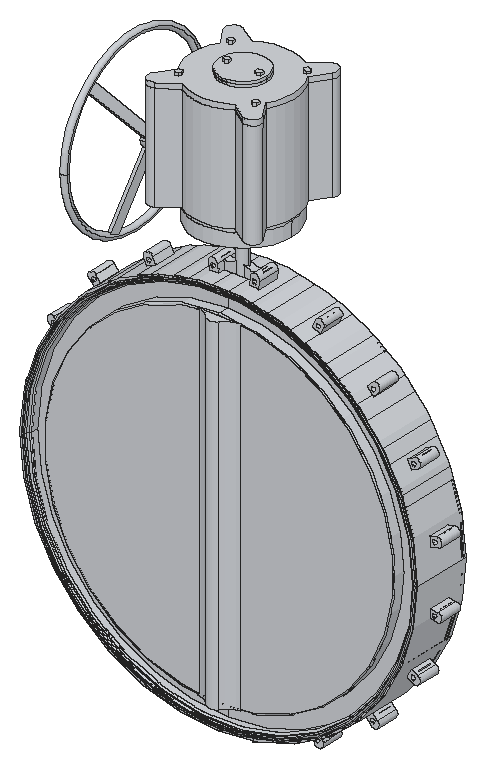
Revit family "R59FLX060", category Plumbing Fixtures, Revit 2015
Reference planes
  plane 1 "Center (Front/Back)": y = 0
  plane 2: z = 0
  plane 3 "Center (Left/Right)": x = 0
  plane 4: z = 562
  plane 5: z = 812
  plane 6: z = 187
  plane 7: z = -450
  plane 8: z = -30
  plane 9: z = 617.826
  plane 10: z = -30
  plane 11: y = -17.262
  plane 12: y = 17.262
  plane 13: x = -105
  plane 14: x = 105
  plane 15: z = 826
  plane 16: x = 226
  plane 17: y = -64.287
  plane 18: y = 62.713
  plane 19: z = 532
  plane 20: x = -241
  plane 21: z = 424
Forms (mm)
  Extrusion 1, solid
    sketch origin (0, 0, 544.391) x (1, 0, 0) y (0, 1, 0)
      loop
        circle (0, 0) r 105
    from -12.391 to 17.609
  Extrusion 2, solid
    sketch origin (0, 0, -76.95) x (1, 0, 0) y (0, 1, 0)
      loop
        circle (0, 0) r 12
    from 354.077 to 608.95
  Revolve 3, solid
    sketch origin (0, 0, 0) x (0, 1, 0) y (0, 0, 1)
      loop
        line (-39.5, -410.938) -> (39.5, -410.938) -> (39.5, -375.679) -> (60.986, -375.679)
        arc (60.986, -375.679) -> (62.207, -375.173) -> (62.713, -373.951) r 1.728
        line (62.713, -373.951) -> (62.713, 0) -> (-64.287, 0) -> (-64.287, -373.951)
        arc (-64.287, -373.951) -> (-63.781, -375.173) -> (-62.559, -375.679) r 1.728
        line (-62.559, -375.679) -> (-39.5, -375.679) -> (-39.5, -410.938)
      axis (62.713, 0) -> (-64.287, 0)
    angle from 0 to 360
  Extrusion 4, solid
    sketch origin (-37.947, 28.082, 362.711) x (0.933413, 0, -0.358805) y (0.358805, 0, 0.933413)
      loop
        line (-18.251, 60.114) -> (-25.459, 74.264)
        arc (-25.459, 74.264) -> (-38.908, 78.635) -> (-43.28, 65.186) r 10
        line (-43.28, 65.186) -> (-36.072, 51.036) -> (-18.251, 60.114)
      loop
        circle (-32.1, 65.269) r 5
    from -10.991 to 37.009
  Extrusion 5, solid
    sketch origin (18.896, -132.284, 571.391) x (-0.707107, -0.707107, 0) y (0.707107, -0.707107, 0)
      loop
        line (6.619, -122.207) -> (1.336, -117.615) -> (-5.283, -119.894) -> (-6.619, -126.765) -> (-1.336, -131.358) -> (5.283, -129.079) -> (6.619, -122.207)
    from 0 to 3.746
  Extrusion 6, solid
    sketch origin (18.896, -132.284, 550.391) x (-0.707107, -0.707107, 0) y (0.707107, -0.707107, 0)
      loop
        circle (0, -124.486) r 3
    from -25.471 to 21
  Extrusion 7, solid
    sketch origin (18.896, -132.284, 531) x (-0.707107, -0.707107, 0) y (0.707107, -0.707107, 0)
      loop
        line (3.99, -123.113) -> (0.805, -120.344) -> (-3.184, -121.718) -> (-3.99, -125.86) -> (-0.805, -128.628) -> (3.184, -127.254) -> (3.99, -123.113)
      loop
        line (-3.444, -125.672) -> (-0.695, -128.061) -> (2.749, -126.876) -> (3.444, -123.301) -> (0.695, -120.911) -> (-2.749, -122.097) -> (-3.444, -125.672)
    from -1.968 to 1
  Extrusion 8, solid
    sketch origin (49.205, -126.837, 615.966) x (-0.707107, -0.707107, 0) y (0.707107, -0.707107, 0)
      loop
        line (-80.879, -231.371) -> (-71.737, -274.379)
        arc (-71.737, -274.379) -> (-54.895, -288.018) -> (-38.053, -274.379) r 17.218
        line (-38.053, -274.379) -> (-28.912, -231.371)
        arc (-28.912, -231.371) -> (22.88, -202.269) -> (51.985, -150.479) r 109.994
        line (51.985, -150.479) -> (95.021, -141.332)
        arc (95.021, -141.332) -> (108.659, -124.49) -> (95.021, -107.648) r 17.218
        line (95.021, -107.648) -> (51.988, -98.501)
        arc (51.988, -98.501) -> (22.886, -46.703) -> (-28.909, -17.596) r 109.994
        line (-28.909, -17.596) -> (-38.053, 25.426)
        arc (-38.053, 25.426) -> (-54.895, 39.064) -> (-71.737, 25.426) r 17.218
        line (-71.737, 25.426) -> (-80.882, -17.596)
        arc (-80.882, -17.596) -> (-132.673, -46.699) -> (-161.775, -98.49) r 109.994
        line (-161.775, -98.49) -> (-204.798, -107.635)
        arc (-204.798, -107.635) -> (-218.436, -124.477) -> (-204.798, -141.318) r 17.218
        line (-204.798, -141.318) -> (-161.779, -150.462)
        arc (-161.779, -150.462) -> (-132.677, -202.263) -> (-80.879, -231.371) r 109.994
    from -44.575 to 183.703
  Sweep 9, solid
    path origin (0, 0, 0) x (1, 0, 0) y (0, 0, 1)
      loop
        circle (0, 0) r 427
    profile origin (0, 0, -427) x (0, 0, 1) y (0, -1, 0)
      loop
        line (0.625, -62.713) -> (3.952, -62.713)
        arc (3.952, -62.713) -> (4.966, -63.727) -> (5.98, -62.713) r 1.014
        line (5.98, -62.713) -> (7.253, -62.713)
        arc (7.253, -62.713) -> (8.267, -63.727) -> (9.28, -62.713) r 1.014
        line (9.28, -62.713) -> (10.888, -62.713) -> (12.517, -60.371) -> (13.454, -56.874) -> (16.683, -53.645) -> (16.683, 55.218) -> (13.454, 58.447) -> (12.517, 61.945) -> (10.888, 64.287) -> (9.28, 64.287)
        arc (9.28, 64.287) -> (8.267, 65.3) -> (7.253, 64.287) r 1.014
        line (7.253, 64.287) -> (5.98, 64.287)
        arc (5.98, 64.287) -> (4.966, 65.3) -> (3.952, 64.287) r 1.014
        line (3.952, 64.287) -> (0.625, 64.287) -> (0.625, -62.713)
  Sweep 10, solid
    path origin (-0.002, 0, 0) x (1, 0, 0) y (0, 0, 1)
      loop
        circle (0, 0) r 427
    profile origin (-0.002, 0, -427) x (0, 0, 1) y (0, -1, 0)
      loop
        line (0, 64.287) -> (0, -62.713) -> (3.927, -62.713) -> (3.927, 64.287) -> (0, 64.287)
  Extrusion 11, solid
    sketch origin (-34.693, 28.082, -363.037) x (-0.843784, 0, 0.536683) y (-0.536683, 0, -0.843784)
      loop
        line (-18.251, 60.114) -> (-25.459, 74.264)
        arc (-25.459, 74.264) -> (-38.908, 78.635) -> (-43.28, 65.186) r 10
        line (-43.28, 65.186) -> (-36.072, 51.036) -> (-18.251, 60.114)
      loop
        circle (-32.1, 65.269) r 5
    from -10.991 to 37.009
  Extrusion 12, solid
    sketch origin (-152.406, 28.082, 331.318) x (0.999197, 0, -0.040079) y (0.040079, 0, 0.999197)
      loop
        line (-18.251, 60.114) -> (-25.459, 74.264)
        arc (-25.459, 74.264) -> (-38.908, 78.635) -> (-43.28, 65.186) r 10
        line (-43.28, 65.186) -> (-36.072, 51.036) -> (-18.251, 60.114)
      loop
        circle (-32.1, 65.269) r 5
    from -10.991 to 37.009
  Extrusion 13, solid
    sketch origin (-250.724, 28.082, 264.834) x (0.959152, 0, 0.282892) y (-0.282892, 0, 0.959152)
      loop
        line (-18.251, 60.114) -> (-25.459, 74.264)
        arc (-25.459, 74.264) -> (-38.908, 78.635) -> (-43.28, 65.186) r 10
        line (-43.28, 65.186) -> (-36.072, 51.036) -> (-18.251, 60.114)
      loop
        circle (-32.1, 65.269) r 5
    from -10.991 to 37.009
  Extrusion 14, solid
    sketch origin (-322.486, 28.082, 170.3) x (0.817519, 0, 0.575901) y (-0.575901, 0, 0.817519)
      loop
        line (-18.251, 60.114) -> (-25.459, 74.264)
        arc (-25.459, 74.264) -> (-38.908, 78.635) -> (-43.28, 65.186) r 10
        line (-43.28, 65.186) -> (-36.072, 51.036) -> (-18.251, 60.114)
      loop
        circle (-32.1, 65.269) r 5
    from -10.991 to 37.009
  Extrusion 15, solid
    sketch origin (-360.093, 28.082, 57.729) x (0.589301, 0, 0.807914) y (-0.807914, 0, 0.589301)
      loop
        line (-18.251, 60.114) -> (-25.459, 74.264)
        arc (-25.459, 74.264) -> (-38.908, 78.635) -> (-43.28, 65.186) r 10
        line (-43.28, 65.186) -> (-36.072, 51.036) -> (-18.251, 60.114)
      loop
        circle (-32.1, 65.269) r 5
    from -10.991 to 37.009
  Extrusion 16, solid
    sketch origin (-359.56, 28.082, -60.956) x (0.298667, 0, 0.954357) y (-0.954357, 0, 0.298667)
      loop
        line (-18.251, 60.114) -> (-25.459, 74.264)
        arc (-25.459, 74.264) -> (-38.908, 78.635) -> (-43.28, 65.186) r 10
        line (-43.28, 65.186) -> (-36.072, 51.036) -> (-18.251, 60.114)
      loop
        circle (-32.1, 65.269) r 5
    from -10.991 to 37.009
  Extrusion 17, solid
    sketch origin (-320.946, 28.082, -173.185) x (-0.0236, 0, 0.999721) y (-0.999721, 0, -0.0236)
      loop
        line (-18.251, 60.114) -> (-25.459, 74.264)
        arc (-25.459, 74.264) -> (-38.908, 78.635) -> (-43.28, 65.186) r 10
        line (-43.28, 65.186) -> (-36.072, 51.036) -> (-18.251, 60.114)
      loop
        circle (-32.1, 65.269) r 5
    from -10.991 to 37.009
  Extrusion 18, solid
    sketch origin (-248.339, 28.082, -267.072) x (-0.343367, 0, 0.939201) y (-0.939201, 0, -0.343367)
      loop
        line (-18.251, 60.114) -> (-25.459, 74.264)
        arc (-25.459, 74.264) -> (-38.908, 78.635) -> (-43.28, 65.186) r 10
        line (-43.28, 65.186) -> (-36.072, 51.036) -> (-18.251, 60.114)
      loop
        circle (-32.1, 65.269) r 5
    from -10.991 to 37.009
  Extrusion 19, solid
    sketch origin (-149.429, 28.082, -332.671) x (-0.626767, 0, 0.779206) y (-0.779206, 0, -0.626767)
      loop
        line (-18.251, 60.114) -> (-25.459, 74.264)
        arc (-25.459, 74.264) -> (-38.908, 78.635) -> (-43.28, 65.186) r 10
        line (-43.28, 65.186) -> (-36.072, 51.036) -> (-18.251, 60.114)
      loop
        circle (-32.1, 65.269) r 5
    from -10.991 to 37.009
  Extrusion 20, solid
    sketch origin (157.284, 43.896, 571.391) x (0.707107, -0.707107, 0) y (0.707107, 0.707107, 0)
      loop
        line (6.619, -122.207) -> (1.336, -117.615) -> (-5.283, -119.894) -> (-6.619, -126.765) -> (-1.336, -131.358) -> (5.283, -129.079) -> (6.619, -122.207)
    from 0 to 3.746
  Extrusion 21, solid
    sketch origin (157.284, 43.896, 550.391) x (0.707107, -0.707107, 0) y (0.707107, 0.707107, 0)
      loop
        circle (0, -124.486) r 3
    from -25.471 to 21
  Extrusion 22, solid
    sketch origin (157.284, 43.896, 531) x (0.707107, -0.707107, 0) y (0.707107, 0.707107, 0)
      loop
        line (3.99, -123.113) -> (0.805, -120.344) -> (-3.184, -121.718) -> (-3.99, -125.86) -> (-0.805, -128.628) -> (3.184, -127.254) -> (3.99, -123.113)
      loop
        line (-3.444, -125.672) -> (-0.695, -128.061) -> (2.749, -126.876) -> (3.444, -123.301) -> (0.695, -120.911) -> (-2.749, -122.097) -> (-3.444, -125.672)
    from -1.968 to 1
  Extrusion 23, solid
    sketch origin (-18.896, 132.284, 571.391) x (0.707107, 0.707107, 0) y (-0.707107, 0.707107, 0)
      loop
        line (6.619, -122.207) -> (1.336, -117.615) -> (-5.283, -119.894) -> (-6.619, -126.765) -> (-1.336, -131.358) -> (5.283, -129.079) -> (6.619, -122.207)
    from 0 to 3.746
  Extrusion 24, solid
    sketch origin (-18.896, 132.284, 550.391) x (0.707107, 0.707107, 0) y (-0.707107, 0.707107, 0)
      loop
        circle (0, -124.486) r 3
    from -25.471 to 21
  Extrusion 25, solid
    sketch origin (-18.896, 132.284, 531) x (0.707107, 0.707107, 0) y (-0.707107, 0.707107, 0)
      loop
        line (3.99, -123.113) -> (0.805, -120.344) -> (-3.184, -121.718) -> (-3.99, -125.86) -> (-0.805, -128.628) -> (3.184, -127.254) -> (3.99, -123.113)
      loop
        line (-3.444, -125.672) -> (-0.695, -128.061) -> (2.749, -126.876) -> (3.444, -123.301) -> (0.695, -120.911) -> (-2.749, -122.097) -> (-3.444, -125.672)
    from -1.968 to 1
  Extrusion 26, solid
    sketch origin (-157.284, -43.896, 571.391) x (-0.707107, 0.707107, 0) y (-0.707107, -0.707107, 0)
      loop
        line (6.619, -122.207) -> (1.336, -117.615) -> (-5.283, -119.894) -> (-6.619, -126.765) -> (-1.336, -131.358) -> (5.283, -129.079) -> (6.619, -122.207)
    from 0 to 3.746
  Extrusion 27, solid
    sketch origin (-157.284, -43.896, 550.391) x (-0.707107, 0.707107, 0) y (-0.707107, -0.707107, 0)
      loop
        circle (0, -124.486) r 3
    from -25.471 to 21
  Extrusion 28, solid
    sketch origin (-157.284, -43.896, 531) x (-0.707107, 0.707107, 0) y (-0.707107, -0.707107, 0)
      loop
        line (3.99, -123.113) -> (0.805, -120.344) -> (-3.184, -121.718) -> (-3.99, -125.86) -> (-0.805, -128.628) -> (3.184, -127.254) -> (3.99, -123.113)
      loop
        line (-3.444, -125.672) -> (-0.695, -128.061) -> (2.749, -126.876) -> (3.444, -123.301) -> (0.695, -120.911) -> (-2.749, -122.097) -> (-3.444, -125.672)
    from -1.968 to 1
  Extrusion 29, solid
    sketch origin (-5.763, 157.917, 810.616) x (0.707107, 0.707107, 0) y (-0.707107, 0.707107, 0)
      loop
        line (6.619, -122.207) -> (1.336, -117.615) -> (-5.283, -119.894) -> (-6.619, -126.765) -> (-1.336, -131.358) -> (5.283, -129.079) -> (6.619, -122.207)
    from 0 to 4.617
  Extrusion 30, solid
    sketch origin (-5.763, 157.917, 696.045) x (0.707107, 0.707107, 0) y (-0.707107, 0.707107, 0)
      loop
        circle (0, -124.486) r 3
    from 66.681 to 114.571
  Extrusion 31, solid
    sketch origin (170.417, 18.263, 810.616) x (0.707107, -0.707107, 0) y (0.707107, 0.707107, 0)
      loop
        line (6.619, -122.207) -> (1.336, -117.615) -> (-5.283, -119.894) -> (-6.619, -126.765) -> (-1.336, -131.358) -> (5.283, -129.079) -> (6.619, -122.207)
    from 0 to 4.617
  Extrusion 32, solid
    sketch origin (170.417, 18.263, 696.045) x (0.707107, -0.707107, 0) y (0.707107, 0.707107, 0)
      loop
        circle (0, -124.486) r 3
    from 66.681 to 114.571
  Extrusion 33, solid
    sketch origin (5.763, -157.917, 810.616) x (-0.707107, -0.707107, 0) y (0.707107, -0.707107, 0)
      loop
        line (6.619, -122.207) -> (1.336, -117.615) -> (-5.283, -119.894) -> (-6.619, -126.765) -> (-1.336, -131.358) -> (5.283, -129.079) -> (6.619, -122.207)
    from 0 to 4.617
  Extrusion 34, solid
    sketch origin (5.763, -157.917, 696.045) x (-0.707107, -0.707107, 0) y (0.707107, -0.707107, 0)
      loop
        circle (0, -124.486) r 3
    from 66.681 to 114.571
  Extrusion 35, solid
    sketch origin (-170.417, -18.263, 810.616) x (-0.707107, 0.707107, 0) y (-0.707107, -0.707107, 0)
      loop
        line (6.619, -122.207) -> (1.336, -117.615) -> (-5.283, -119.894) -> (-6.619, -126.765) -> (-1.336, -131.358) -> (5.283, -129.079) -> (6.619, -122.207)
    from 0 to 4.617
  Extrusion 36, solid
    sketch origin (-170.417, -18.263, 696.045) x (-0.707107, 0.707107, 0) y (-0.707107, -0.707107, 0)
      loop
        circle (0, -124.486) r 3
    from 66.681 to 114.571
  Extrusion 37, solid
    sketch origin (4.994, 0, 219.826) x (0, 1, 0) y (0, 0, -1)
      loop
        circle (0, -398) r 6
    from 74.348 to 199.367
  Sweep 38, solid
    path origin (-234.067, 0, 209.054) x (0, 1, 0) y (0, 0, -1)
      loop
        circle (0, -408.772) r 187
    profile origin (-234.067, 0, 804.826) x (0, 0, 1) y (-1, 0, 0)
      loop
        circle (0, 0) r 7
  Extrusion 39, solid
    sketch origin (-3.067, 0, 219.826) x (0, 1, 0) y (0, 0, -1)
      loop
        circle (0, -398) r 20
    from 166.378 to 201.654
  Extrusion 40, solid
    sketch origin (8.701, -165.594, 460.594) x (0.996525, 0.083294, -0.000135) y (-0.05437, 0.64925, -0.758629)
      loop
        line (-182.932, 4.168) -> (-189.521, 6.043) -> (-239.457, -181.426) -> (-232.868, -183.3) -> (-182.932, 4.168)
    from 230.215 to 251.867
  Extrusion 41, solid
    sketch origin (-122.734, -88.025, 821.383) x (-0.707107, 0.707107, 0) y (-0.707107, -0.707107, 0)
      loop
        line (6.619, -122.207) -> (1.336, -117.615) -> (-5.283, -119.894) -> (-6.619, -126.765) -> (-1.336, -131.358) -> (5.283, -129.079) -> (6.619, -122.207)
    from 0 to 4.617
  Extrusion 42, solid
    sketch origin (-122.734, -88.025, 706.811) x (-0.707107, 0.707107, 0) y (-0.707107, -0.707107, 0)
      loop
        circle (0, -124.486) r 3
    from 66.681 to 114.571
  Extrusion 43, solid
    sketch origin (122.679, -51.499, 821.383) x (0.707107, -0.707107, 0) y (0.707107, 0.707107, 0)
      loop
        line (-96.38, -19.209) -> (-103.251, -20.545) -> (-105.53, -27.163) -> (-100.938, -32.446) -> (-94.066, -31.111) -> (-91.787, -24.492) -> (-96.38, -19.209)
    from 0 to 4.617
  Extrusion 44, solid
    sketch origin (-122.734, -88.025, 706.811) x (-0.707107, 0.707107, 0) y (-0.707107, -0.707107, 0)
      loop
        circle (-49.047, -173.533) r 3
    from 66.681 to 114.571
  Extrusion 45, solid
    sketch origin (0, 36.3, 0) x (1, 0, 0) y (0, 1, 0)
      loop
        line (-45.752, 26.413) -> (45.661, 26.413)
        arc (45.661, 26.413) -> (27.976, 32.661) -> (13.756, 44.892) r 50.889
        arc (13.756, 44.892) -> (-0.248, 51.523) -> (-14.1, 44.579) r 17.686
        arc (-14.1, 44.579) -> (-28.242, 32.561) -> (-45.752, 26.413) r 50.889
    from -372.464 to 371.873
  Extrusion 46, solid
    sketch origin (0, 0, 809.256) x (1, 0, 0) y (0, 1, 0)
      loop
        circle (0, 0) r 50
    from 1.36 to 6.196
  Extrusion 47, solid
    sketch origin (0, 0, 816.383) x (1, 0, 0) y (0, 1, 0)
      loop
        circle (0, 0) r 50
    from 0.001 to 5
  Extrusion 48, solid
    sketch origin (0, 0, 811.888) x (1, 0, 0) y (0, 1, 0)
      loop
        circle (0, 0) r 43.203
    from 3.565 to 4.496
  Extrusion 49, solid
    sketch origin (8.701, 220.055, 554.924) x (0.996525, -0.04153, 0.072203) y (-0.05437, 0.332367, 0.941582)
      loop
        line (-182.932, 4.168) -> (-189.521, 6.043) -> (-239.457, -181.426) -> (-232.868, -183.3) -> (-182.932, 4.168)
    from 230.215 to 251.867
  Extrusion 50, solid
    sketch origin (8.701, -54.461, 841.741) x (0.996525, -0.041764, -0.072067) y (-0.05437, -0.981617, -0.182952)
      loop
        line (-182.932, 4.168) -> (-189.521, 6.043) -> (-239.457, -181.426) -> (-232.868, -183.3) -> (-182.932, 4.168)
    from 230.215 to 251.867
  Extrusion 51, solid
    sketch origin (0, 0, 569.391) x (1, 0, 0) y (0, 1, 0)
      loop
        circle (0, 0) r 105
    from -7.391 to 2
  Extrusion 52, solid
    sketch origin (49.205, -126.837, 751.598) x (-0.707107, -0.707107, 0) y (0.707107, -0.707107, 0)
      loop
        line (-80.879, -231.371) -> (-71.737, -274.379)
        arc (-71.737, -274.379) -> (-54.895, -288.018) -> (-38.053, -274.379) r 17.218
        line (-38.053, -274.379) -> (-28.912, -231.371)
        arc (-28.912, -231.371) -> (22.88, -202.269) -> (51.985, -150.479) r 109.994
        line (51.985, -150.479) -> (95.021, -141.332)
        arc (95.021, -141.332) -> (108.659, -124.49) -> (95.021, -107.648) r 17.218
        line (95.021, -107.648) -> (51.988, -98.501)
        arc (51.988, -98.501) -> (22.886, -46.703) -> (-28.909, -17.596) r 109.994
        line (-28.909, -17.596) -> (-38.053, 25.426)
        arc (-38.053, 25.426) -> (-54.895, 39.064) -> (-71.737, 25.426) r 17.218
        line (-71.737, 25.426) -> (-80.882, -17.596)
        arc (-80.882, -17.596) -> (-132.673, -46.699) -> (-161.775, -98.49) r 109.994
        line (-161.775, -98.49) -> (-204.798, -107.635)
        arc (-204.798, -107.635) -> (-218.436, -124.477) -> (-204.798, -141.318) r 17.218
        line (-204.798, -141.318) -> (-161.779, -150.462)
        arc (-161.779, -150.462) -> (-132.677, -202.263) -> (-80.879, -231.371) r 109.994
    from 48.072 to 59.018
  Extrusion 53, solid
    sketch origin (0, 0, -364.529) x (1, 0, 0) y (0, 0, 1)
      loop
        line (-31.386, -58.615) -> (-42.94, -84.573)
        arc (-42.94, -84.573) -> (-30.912, -87.299) -> (-19.604, -92.221) r 65.798
        line (-19.604, -92.221) -> (18.979, -92.221)
        arc (18.979, -92.221) -> (30.523, -87.222) -> (42.808, -84.511) r 65.798
        line (42.808, -84.511) -> (31.282, -58.615) -> (-31.386, -58.615)
    from -7.881 to 9.454
  Extrusion 54, solid
    sketch origin (37.947, -54.101, 362.711) x (-0.933413, 0, -0.358805) y (-0.358805, 0, 0.933413)
      loop
        line (-18.251, 60.114) -> (-25.459, 74.264)
        arc (-25.459, 74.264) -> (-38.908, 78.635) -> (-43.28, 65.186) r 10
        line (-43.28, 65.186) -> (-36.072, 51.036) -> (-18.251, 60.114)
      loop
        circle (-32.1, 65.269) r 5
    from -10.991 to 37.009
  Extrusion 55, solid
    sketch origin (0, 0.232, 358.09) x (-1, 0, 0) y (0, 0, -1)
      loop
        line (-32.454, -63.91) -> (-44.7, -91.423)
        arc (-44.7, -91.423) -> (-18.848, -85.337) -> (0.632, -103.389) r 28.254
        arc (0.632, -103.389) -> (18, -85.984) -> (42.428, -88.778) r 28.254
        line (42.428, -88.778) -> (33.866, -63.91) -> (-32.454, -63.91)
    from -7.881 to 9.454
  Extrusion 56, solid
    sketch origin (34.693, -54.101, -363.037) x (0.843784, 0, 0.536683) y (0.536683, 0, -0.843784)
      loop
        line (-18.251, 60.114) -> (-25.459, 74.264)
        arc (-25.459, 74.264) -> (-38.908, 78.635) -> (-43.28, 65.186) r 10
        line (-43.28, 65.186) -> (-36.072, 51.036) -> (-18.251, 60.114)
      loop
        circle (-32.1, 65.269) r 5
    from -10.991 to 37.009
  Extrusion 57, solid
    sketch origin (152.406, -54.101, 331.318) x (-0.999197, 0, -0.040079) y (-0.040079, 0, 0.999197)
      loop
        line (-18.251, 60.114) -> (-25.459, 74.264)
        arc (-25.459, 74.264) -> (-38.908, 78.635) -> (-43.28, 65.186) r 10
        line (-43.28, 65.186) -> (-36.072, 51.036) -> (-18.251, 60.114)
      loop
        circle (-32.1, 65.269) r 5
    from -10.991 to 37.009
  Extrusion 58, solid
    sketch origin (250.724, -54.101, 264.834) x (-0.959152, 0, 0.282892) y (0.282892, 0, 0.959152)
      loop
        line (-18.251, 60.114) -> (-25.459, 74.264)
        arc (-25.459, 74.264) -> (-38.908, 78.635) -> (-43.28, 65.186) r 10
        line (-43.28, 65.186) -> (-36.072, 51.036) -> (-18.251, 60.114)
      loop
        circle (-32.1, 65.269) r 5
    from -10.991 to 37.009
  Extrusion 59, solid
    sketch origin (322.486, -54.101, 170.3) x (-0.817519, 0, 0.575901) y (0.575901, 0, 0.817519)
      loop
        line (-18.251, 60.114) -> (-25.459, 74.264)
        arc (-25.459, 74.264) -> (-38.908, 78.635) -> (-43.28, 65.186) r 10
        line (-43.28, 65.186) -> (-36.072, 51.036) -> (-18.251, 60.114)
      loop
        circle (-32.1, 65.269) r 5
    from -10.991 to 37.009
  Extrusion 60, solid
    sketch origin (360.093, -54.101, 57.729) x (-0.589301, 0, 0.807914) y (0.807914, 0, 0.589301)
      loop
        line (-18.251, 60.114) -> (-25.459, 74.264)
        arc (-25.459, 74.264) -> (-38.908, 78.635) -> (-43.28, 65.186) r 10
        line (-43.28, 65.186) -> (-36.072, 51.036) -> (-18.251, 60.114)
      loop
        circle (-32.1, 65.269) r 5
    from -10.991 to 37.009
  Extrusion 61, solid
    sketch origin (359.56, -54.101, -60.956) x (-0.298667, 0, 0.954357) y (0.954357, 0, 0.298667)
      loop
        line (-18.251, 60.114) -> (-25.459, 74.264)
        arc (-25.459, 74.264) -> (-38.908, 78.635) -> (-43.28, 65.186) r 10
        line (-43.28, 65.186) -> (-36.072, 51.036) -> (-18.251, 60.114)
      loop
        circle (-32.1, 65.269) r 5
    from -10.991 to 37.009
  Extrusion 62, solid
    sketch origin (320.946, -54.101, -173.185) x (0.0236, 0, 0.999721) y (0.999721, 0, -0.0236)
      loop
        line (-18.251, 60.114) -> (-25.459, 74.264)
        arc (-25.459, 74.264) -> (-38.908, 78.635) -> (-43.28, 65.186) r 10
        line (-43.28, 65.186) -> (-36.072, 51.036) -> (-18.251, 60.114)
      loop
        circle (-32.1, 65.269) r 5
    from -10.991 to 37.009
  Extrusion 63, solid
    sketch origin (248.339, -54.101, -267.072) x (0.343367, 0, 0.939201) y (0.939201, 0, -0.343367)
      loop
        line (-18.251, 60.114) -> (-25.459, 74.264)
        arc (-25.459, 74.264) -> (-38.908, 78.635) -> (-43.28, 65.186) r 10
        line (-43.28, 65.186) -> (-36.072, 51.036) -> (-18.251, 60.114)
      loop
        circle (-32.1, 65.269) r 5
    from -10.991 to 37.009
  Extrusion 64, solid
    sketch origin (149.429, -54.101, -332.671) x (0.626767, 0, 0.779206) y (0.779206, 0, -0.626767)
      loop
        line (-18.251, 60.114) -> (-25.459, 74.264)
        arc (-25.459, 74.264) -> (-38.908, 78.635) -> (-43.28, 65.186) r 10
        line (-43.28, 65.186) -> (-36.072, 51.036) -> (-18.251, 60.114)
      loop
        circle (-32.1, 65.269) r 5
    from -10.991 to 37.009
  Extrusion 65, solid
    sketch origin (0, -37.55, 0) x (1, 0, 0) y (0, 1, 0)
      loop
        arc (-45.752, -26.413) -> (-28.242, -32.561) -> (-14.1, -44.579) r 50.889
        arc (-14.1, -44.579) -> (-0.248, -51.523) -> (13.756, -44.892) r 17.686
        arc (13.756, -44.892) -> (27.976, -32.661) -> (45.661, -26.413) r 50.889
        line (45.661, -26.413) -> (-45.752, -26.413)
    from -372.464 to 371.873
Dimensions and locks
  plane 2 to plane 4 = 562 mm
  locked: level to plane 5 at 812
  plane 7 to level = 450 mm
  plane 18 to plane 17 = 127 mm
  locked: plane 19 to plane 4 at 30
  plane 16 to plane 3 "Center (Left/Right)" = 226 mm
  locked: plane 13 to plane 14 at 210
  locked: plane 4 to plane 15 at 264
  plane 3 "Center (Left/Right)" to plane 20 = 241 mm
  locked: plane 21 to plane 5 at 388
  aligned and locked: level to plane 2
